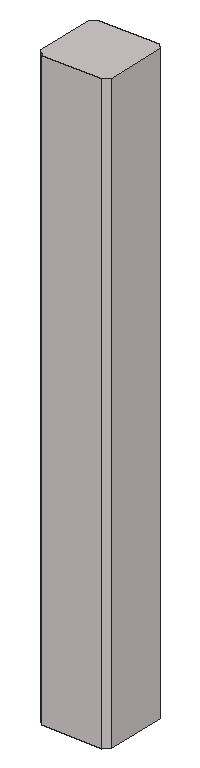
Revit family "M_Coluna retangular pré-moldada", category Pilares estruturais, Revit 2019
Family settings
  Exibir em vistas ocultas = Arestas ocultadas por outros membros
  Forma do corte = Não definido
  Material para o comportamento do modelo = Concreto pré-moldado
  Exportar sempre como geometria = Não
  Redução da viga na planta = Da caixa de vinculação
  Número OmniClass = 23.25.30.11.14.11
  Título OmniClass = Columns
  ID de item do Seek = Precast-Rectangular Column-0000-CAN-ENU
  Corte com vazios quando carregada = Não
  Representação simbólica = Da família
  Compartilhado = Não
  Exibir o pré-corte da família na vista da planta = Sim
Parameters (values of type "300 x 300mm")
  Structural Material [instance] = Concreto - Concreto pré-moldado - 35 MPa
  Chanfro = 25 mm
  b = 300 mm
  h = 300 mm
Types (4, lengths in mm): name | Chanfro | b | h
  (no name) | 25 | 300 | 300
  300 x 300mm | 25 | 300 | 300
  450 x 450mm | 25 | 450 | 450
  600 x 600mm | 40 | 600 | 600
Reference planes
  plane 1 "Centro (Frente/Trás)": y = 0
  plane 2: z = 0
  plane 3 "Centro (Esquerda/Direita)": x = 0
  plane 4: x = -150
  plane 5: x = 150
  plane 6: y = 150
  plane 7: y = -150
  plane 8: x = -125
  plane 9: y = -125
  plane 10: x = 125
  plane 11: y = 125
Forms (mm)
  Extrusion 1, solid, material "Concreto - Concreto pré-moldado - 35 MPa" <- "Structural Material"
    sketch origin (0, 0, 0) x (1, 0, 0) y (0, 1, 0)
      loop
        line (-125, 150) -> (-150, 125) -> (-150, -125) -> (-125, -150) -> (125, -150) -> (150, -125) -> (150, 125) -> (125, 150) -> (-125, 150)
    from 0 to 2500
Dimensions and locks
  equal spacing: plane 4, plane 3 "Centro (Esquerda/Direita)", plane 5
  equal spacing: plane 7, plane 1 "Centro (Frente/Trás)", plane 6
  "h": plane 7 to plane 6
  "b": plane 4 to plane 5
  "Chanfro": plane 4 to plane 8
  "Chanfro": plane 10 to plane 5
  "Chanfro": plane 11 to plane 6
  "Chanfro": plane 7 to plane 9
  aligned and locked: plane 6 to Extrusion 1 sketch curve
  aligned and locked: Extrusion 1 sketch curve to plane 7
  aligned and locked: Extrusion 1 sketch curve to plane 4
  aligned and locked: plane 5 to Extrusion 1 sketch curve
  aligned and locked: level to Extrusion 1
  aligned and locked: level to plane 2
  aligned and locked: Extrusion 1 to plane 2
Automatic sketch dimensions
  Extrusion 1 sketch curve to plane 8 = 0 mm  (x2)
  Extrusion 1 sketch curve to plane 10 = 0 mm  (x2)
  Extrusion 1 sketch curve to plane 9 = 0 mm  (x2)
  Extrusion 1 sketch curve to plane 11 = 0 mm  (x2)
